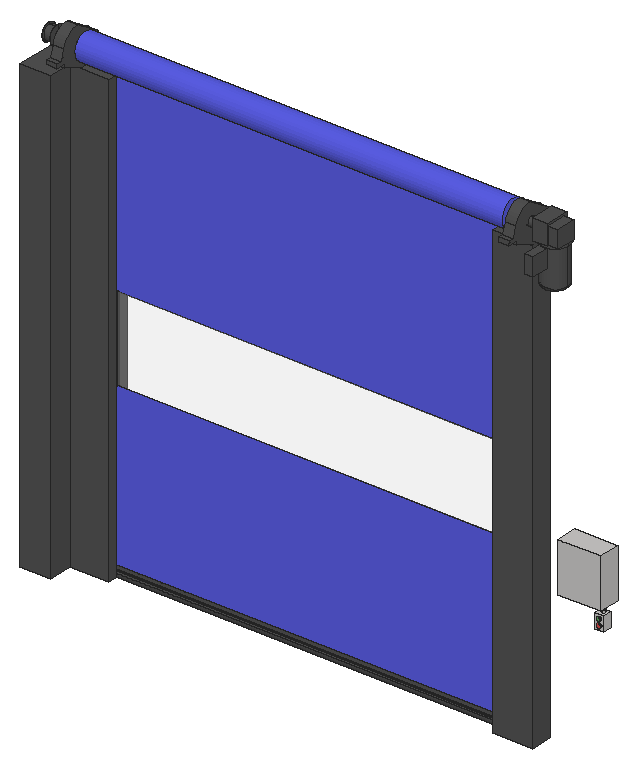
Revit family "Door_Rollup_SuperSeal_8500S", category Doors, host Wall, Revit 2011
Parameters (values of type "ByType")
  Wind Load = ""
  Water Penetration = ""
  Vision Panel Sill [instance] = 4' - 0"
  Vision Panel Material = Fabric - Vinyl - Super Seal - Transparent
  Vision Panel Height [instance] = 2' - 0"
  Vision Panel [instance] = yes
  Sound Transmission Class (STC) = 0
  RO Offset = 0' - 0 1/2"
  Panel Material = Fabric - Vinyl - Super Seal - Blue
  Max Door Width = 26' - 0"
  Max Door Height = 20' - 0"
  Manufacturer Phone = "800-337-3239 "
  Manual Crank = no
  Function = Interior
  Frame Thickness = 0' - 8"
  Frame Finish = Metal - Steel - Super Seal - Painted - Black
  Electric Motor = ""
  Control Box Offset [instance] = 2' - 0"
  Control Box Material = Metal - Stainless Steel - Super Seal - Brushed
  Control Box Height [instance] = 4' - 0"
  Building Code Conformance = ""
  Air Infiltration = ""
  ASTM Conformance = ""
  Warranty Duration (Years) = 0
  URL = "http://www.supersealmfg.com/"
  Thickness = 0' - 0"
  Test Data = ""
  Specification = ""
  SpecWizard = ""
  Send Message = "http://www.arcat.com/users.pl?action=UserEmail&company=Super-Seal%20Mfg.%20Ltd&coid=44693&rep=119&fax=905-850-4440 &mf="
  Sales Information = "http://www.supersealmfg.com/ContactUs.htm"
  Rough Width = (Width + (RO Offset * 2))  # 9' - 1"
  Rough Height = (Height + (RO Offset))  # 9' - 3"
  R_Value = 0
  Product Properties = ""
  Product Data = "http://arcat.com/arcatcos/cos44/arc44693.html?isac=1&r=1"
  Manufacturer Website = "http://www.supersealmfg.com/"
  Manufacturer Phone - Toll Free = "800-337-3239 "
  Manufacturer Fax = "905-850-4440 "
  Manufacturer Address = "670 Rowntree Dairy Rd. Woodbridge , ON, Canada L4L-5T8"
  Maintenance Schedule (Months) = 0
  Installation-Fabrication = ""
  Installation Phase = ""
  Green Building-LEED = ""
  Model = "As Specified"
  Manufacturer = "Super-Seal Mfg. Ltd"
  Keynote = "08300"
  Height = 9' - 2 1/2"
  Wall Closure = By host
  Width = 9' - 0"
  Fire Rating = "As Specified"
  Expected Lifespan (Years) = 0
  Drawn By = "Sumex Design, Inc. / Robert S. Weygant, CSI, CDT, SCIP"
  Description = "Super Seal "
  Copyright = "©Arcat Inc."
  Construction Details = "http://arcat.com/details/supersea/supersea.html?coid=44693"
  Building Codes = ""
  Assembly Code = ""
  ADA Compliant = yes
  AAMA Designation = ""
Reference planes (in)
  plane 1 "Center (Front/Back)": y = -33.96225
  plane 2 "Center (Left/Right)": x = 64.28704
  plane 3: z = 0
  plane 4 "Right": x = 118.28704
  plane 5 "Left": x = 10.28704
  plane 6 "Closure": y = -35.96225
  plane 7: z = 0
  plane 8 "Top of Frame": z = 110.5
  plane 9 "RO Top": z = 111
  plane 10 "RO Right": x = 118.78704
  plane 11 "RO Left": x = 9.78704
  plane 12 "Frame Int": y = -43.96225
  plane 13: x = 142.28704
  plane 14: z = 48
Lines and regions (in)
  Opening 1
    outline origin (-109.33485, -35.96225, 0) x (1, 0, 0) y (0, 0, 1)
      loop
        line (119.12189, 0) -> (228.12189, 0) -> (228.12189, 111) -> (119.12189, 111) -> (119.12189, 0)
Text (in)
  text "Exterior" at (36.47868, -4.19089, 0), in view "A101 - Plan View"
  text "Interior" at (36.47868, -56.64559, 0), in view "A101 - Plan View"
  text "Exterior" at (0, -17.98638, 123.01588), in view "Right"
  text "Interior" at (0, -64.39139, 123.01588), in view "Right"
  text "Interior" at (0, -52.09468, 121.14095), in view "Left"
  text "Exterior" at (0, 26.35325, 123.00693), in view "Left"
Dimensions and locks (in)
  equal spacing: plane 4 "Right", plane 2 "Center (Left/Right)", plane 5 "Left"
  "Width": plane 5 "Left" to plane 4 "Right"
  "Height": level to plane 8 "Top of Frame"
  "RO Offset": plane 5 "Left" to plane 11 "RO Left"
  "RO Offset": plane 10 "RO Right" to plane 4 "Right"
  "RO Offset": plane 9 "RO Top" to plane 8 "Top of Frame"
  "Frame Thickness": plane 12 "Frame Int" to host wall
  "Control Box Height": plane 14 to level
  "Control Box Offset": plane 4 "Right" to plane 13
  aligned and locked: host wall to plane 1 "Center (Front/Back)"
  aligned and locked: host wall to plane 6 "Closure"
  aligned and locked: Opening 1 sketch curve to level
  aligned and locked: plane 10 "RO Right" to Opening 1 sketch curve
  aligned and locked: Opening 1 sketch curve to plane 9 "RO Top"
  aligned and locked: plane 11 "RO Left" to Opening 1 sketch curve
  aligned and locked: plane 2 "Center (Left/Right)" to nested 1
  aligned and locked: host wall to nested 1
  aligned and locked: plane 2 "Center (Left/Right)" to nested 2
  aligned and locked: host wall to nested 2
  aligned and locked: nested 3 to plane 13
  aligned and locked: nested 3 to plane 14
Nested families (in)
  nested 1: "Frame_8500S" at (64.28704, -35.96225, 0), Material <- "Frame Finish", Opening Width <- "Width", Opening Height <- "Height", Manual Crank <- "Manual Crank", type "Frame_8500S"
    with offset 0' - 0", Opening Width 9' - 0", Opening Height 9' - 2 1/2", Material Metal - Steel - Super Seal - Painted - Black, Manual Crank no, Unit Depth 1' - 1 1/2"
  nested 2: "Door_8500S" at (64.28704, -35.96225, 0), Opening Width <- "Width", Opening Height <- "Height", Material <- "Panel Material", Vision Panel <- "Vision Panel", Vision Panel Material <- "Vision Panel Material", Vision Panel Sill <- "Vision Panel Sill", Vision Panel Height <- "Vision Panel Height", type "Door_8500S"
    with offset 0' - 0", Wind Bar no, Void Dist 0' - 5", Vision Panel Sill 4' - 0", Vision Panel Material Fabric - Vinyl - Super Seal - Transparent, Vision Panel Height 2' - 0", Vision Panel yes, Opening Width 9' - 0", Opening Height 9' - 2 1/2", Material Fabric - Vinyl - Super Seal - Blue, Unit Width 2' - 8"
  nested 3: "Control Box_8500" at (142.28704, -35.96225, 48) x (1, 0, 0) z (0, -1, 0), Material <- "Control Box Material", type "Control Box_8500"
    with offset 0' - 0", Material Metal - Stainless Steel - Super Seal - Brushed
Definition of nested family "Frame_8500S"
  Parameters
    offset [instance] = 0' - 0"
    Warranty Duration (Years) = 0
    Unit Width = 2' - 8"
    Unit Height = 2' - 8"
    Unit Depth = 0' - 11"
    URL = "http://www.supersealmfg.com/"
    Specification = ""
    SpecWizard = ""
    Send Message = "http://www.arcat.com/users.pl?action=UserEmail&company=Super-Seal%20Mfg.%20Ltd&coid=44693&rep=119&fax=905-850-4440 &mf="
    Sales Information = "http://www.supersealmfg.com/ContactUs.htm"
    Revision = "R1_07-2011"
    Product Properties = ""
    Product Data = "http://arcat.com/arcatcos/cos44/arc44693.html?isac=1&r=1"
    Opening Width [instance] = 6' - 0"
    Opening Height [instance] = 8' - 0"
    Model = "As Specified"
    Material [instance] = none
    Manufacturer Website = "http://www.supersealmfg.com/"
    Manufacturer Phone - Toll Free = "800-337-3239 "
    Manufacturer Phone = "800-337-3239 "
    Manufacturer Fax = "905-850-4440 "
    Manufacturer Address = "670 Rowntree Dairy Rd. Woodbridge , ON, Canada L4L-5T8"
    Manufacturer = "Super-Seal Mfg. Ltd"
    Manual Crank [instance] = no
    Maintenance Schedule (Months) = 0
    Keynote = ""
    Installation-Fabrication = ""
    Installation Phase = ""
    Green Building-LEED = ""
    Expected Lifespan (Years) = 0
    Drawn By = "Sumex Design, Inc. / Robert S. Weygant, CSI, CDT, SCIP"
    Description = "Super Seal"
    Copyright = "©Arcat Inc."
    Construction Details = "http://arcat.com/details/supersea/supersea.html?coid=44693"
    Assembly Code = ""
  Reference planes (in)
    plane 1 "Center (Front/Back)": y = 0
    plane 2 "Bottom": z = 0
    plane 3 "Center (Left/Right)": x = 0
    plane 4 "Front": y = -11
    plane 5 "Left": x = -36
    plane 6 "Right": x = 36
    plane 7 "Top": z = 96
    plane 8: x = -47
    plane 9: x = 47
    plane 10: y = -6.25
    plane 11: x = -49.375
    plane 12: x = 57
    plane 13: z = 124
    plane 14 "Axle Plane": y = -6.75
    plane 15: y = -4.25
    plane 16: x = 51.80625
    plane 17: y = -13
    plane 18: x = -56.5
  Forms (in)
    Extrusion 1, solid, material <- "Material"
      sketch origin (0, 0, 0) x (1, 0, 0) y (0, 1, 0)
        loop
          line (-47, 0) -> (-47, -6.25) -> (-36, -6.25) -> (-36, -3.875) -> (-42, -3.875) -> (-42, -2.375) -> (-36, -2.375) -> (-36, 0) -> (-47, 0)
        loop
          line (47, 0) -> (36, 0) -> (36, -2.375) -> (42, -2.375) -> (42, -3.875) -> (36, -3.875) -> (36, -6.25) -> (47, -6.25) -> (47, 0)
      from 0 to 112
    Revolve 2, solid, material <- "Material"
      sketch origin (0, -6.75, -0.6905) x (-1, 0, 0) y (0, 0, 1)
        loop
          line (53.48173, 119.253) -> (53.48173, 119.75237) -> (52.56139, 119.75237) -> (52.56139, 120.194) -> (52.45139, 120.194) -> (52.45139, 121.571) -> (52.33427, 121.571) -> (52.33427, 121.2803) -> (50.42889, 121.2803) -> (50.10339, 121.60581) -> (50.10339, 121.747) -> (50.01139, 121.747) -> (50.01139, 120.194) -> (49.90196, 120.194) -> (49.90196, 119.75237) -> (49.66937, 119.75237) -> (49.66937, 120.50237) -> (-48.58063, 120.50237) -> (-48.58063, 119.84827) -> (-49.01806, 119.84827) -> (-49.1645, 119.79497) -> (-49.65252, 119.79497) -> (-49.65252, 121.40925) -> (-49.84937, 121.40925) -> (-49.84937, 119.253) -> (53.48173, 119.253)
        axis (53.48173, 119.253) -> (-49.84937, 119.253)
      angle from 0 to 360
    Extrusion 3, solid, material <- "Material"
      sketch origin (0, -6.75, -0.6905) x (-1, 0, 0) y (0, 0, 1)
        loop
          line (-49.775, 122.06557) -> (-53.91187, 122.06557) -> (-53.91187, 116.44057) -> (-49.775, 116.44057) -> (-49.775, 122.06557)
      from -2.8125 to 4
    Revolve 4, solid, material <- "Material"
      sketch origin (0, -4.25, 126.67708) x (0, 0, 1) y (-1, 0, 0)
        loop
          line (-12.42701, -48.30625) -> (-22.92701, -48.30625)
          arc (-22.92701, -48.30625) -> (-23.28056, -48.4527) -> (-23.42701, -48.80625) r 0.5
          line (-23.42701, -48.80625) -> (-23.42701, -51.80625) -> (-10.92701, -51.80625) -> (-10.92701, -50.05625) -> (-11.05201, -50.05625) -> (-11.42701, -47.86875) -> (-12.42701, -47.86875) -> (-12.42701, -48.30625)
        axis (-23.42701, -51.80625) -> (-10.92701, -51.80625)
      angle from 0 to 360
    Extrusion 5, solid, material <- "Material"
      sketch origin (-11.94222, -11, 57.3121) x (-1, 0, 0) y (0, 0, 1)
        loop
          line (-61.87347, 56.44057) -> (-64.12347, 56.44057) -> (-64.12347, 51.44057) -> (-61.87347, 51.44057) -> (-61.87347, 56.44057)
      from 1.01831 to 6.75
    Sweep 6, solid, material <- "Material", visible <- "Manual Crank"
      path origin (51.80625, -180, 108.7474) x (0, 0, -1) y (0, -1, 0)
        loop
          line (5.5, -175.75) -> (14.25736, -175.75)
          arc (14.25736, -175.75) -> (15.40541, -175.52164) -> (16.37868, -174.87132) r 3
          line (16.37868, -174.87132) -> (18.51041, -172.73959)
          arc (18.51041, -172.73959) -> (19.41121, -172.22103) -> (20.4349, -172.04097) r 3
          line (20.4349, -172.04097) -> (22.88909, -172.04097)
      profile origin (51.80625, -4.25, 98.86872) x (-1, 0, 0) y (0, -1, 0)
        loop
          circle (0, 0) r 0.25
    Extrusion 7, solid, material <- "Material"
      sketch origin (0, 0, 0) x (1, 0, 0) y (0, 1, 0)
        loop
          line (-56.5, 0) -> (-56.5, -0.125) -> (-55.5, -0.125) -> (-55.5, -13) -> (-47, -13) -> (-47, 0) -> (-56.5, 0)
      from 0 to 112
    Extrusion 8, solid, material <- "Material"
      sketch origin (47, 7.21723, 48) x (0, 1, 0) y (0, 0, 1)
        loop
          arc (-13.93444, 72.79084) -> (-15.5428, 72.60211) -> (-16.60785, 71.38224) r 2.25
          line (-16.60785, 71.38224) -> (-17.60492, 68.6475) -> (-19.04242, 68.6475) -> (-19.10492, 67.5625) -> (-16.40048, 67.5625) -> (-16.40048, 66.5625) -> (-12.55673, 64) -> (-9.94998, 64) -> (-9.94998, 69.36944) -> (-7.87185, 69.90298)
          arc (-7.87185, 69.90298) -> (-7.35623, 70.56865) -> (-7.87185, 71.23432) r 0.6875
          line (-7.87185, 71.23432) -> (-13.93444, 72.79084)
      from 0 to -3
    Extrusion 9, solid, material <- "Material"
      sketch origin (-47, 7.21723, 48) x (0, 1, 0) y (0, 0, 1)
        loop
          arc (-13.93444, 72.79084) -> (-15.5428, 72.60211) -> (-16.60785, 71.38224) r 2.25
          line (-16.60785, 71.38224) -> (-17.60492, 68.6475) -> (-19.04242, 68.6475) -> (-19.10492, 67.5625) -> (-16.40048, 67.5625) -> (-16.40048, 66.5625) -> (-12.55673, 64) -> (-9.94998, 64) -> (-9.94998, 69.36944) -> (-7.87185, 69.90298)
          arc (-7.87185, 69.90298) -> (-7.35623, 70.56865) -> (-7.87185, 71.23432) r 0.6875
          line (-7.87185, 71.23432) -> (-13.93444, 72.79084)
      from 0 to 3
    Extrusion 10, solid, material <- "Material"
      sketch origin (4.25, -6.75, -0.6905) x (-1, 0, 0) y (0, 0, 1)
        loop
          line (-49.775, 121.69057) -> (-52.59937, 121.69057) -> (-52.59937, 116.74252) -> (-49.775, 116.74252) -> (-49.775, 121.69057)
      from -2.8125 to 2.73058
  Cuts and joins
    joined: Revolve 4, Extrusion 5
    joined: Extrusion 1, Extrusion 8
  Dimensions and locks (in)
    equal spacing: plane 5 "Left", plane 3 "Center (Left/Right)", plane 6 "Right"
    "Opening Width": plane 5 "Left" to plane 6 "Right"
    "Unit Depth": plane 1 "Center (Front/Back)" to plane 4 "Front"
    "Opening Height": plane 7 "Top" to level
    locked: plane 6 "Right" to plane 9 at 11
    locked: plane 8 to plane 5 "Left" at 11
    locked: plane 10 to plane 1 "Center (Front/Back)" at 6.25
    locked: plane 6 "Right" to plane 12 at 21
    plane 11 to plane 5 "Left" = 1' - 1 3/8"
    locked: plane 13 to plane 7 "Top" at 28
    locked: Extrusion 1 to plane 7 "Top" at 16
    plane 14 "Axle Plane" to plane 1 "Center (Front/Back)" = 0' - 6 3/4"
    locked: plane 1 "Center (Front/Back)" to plane 15 at 4.25
    locked: plane 16 to plane 9 at 4.80625
    locked: plane 1 "Center (Front/Back)" to plane 14 "Axle Plane" at 6.75
    locked: plane 18 to plane 5 "Left" at 20.5
    locked: plane 17 to plane 1 "Center (Front/Back)" at 13
    locked: Extrusion 7 to plane 7 "Top" at 16
    aligned and locked: Extrusion 5 to plane 15
  Automatic sketch dimensions
    Extrusion 1 sketch curve to plane 8 = 0' - 0"
    Extrusion 1 sketch curve to plane 5 "Left" = 0' - 0"  (x2)
    Extrusion 1 sketch curve to plane 6 "Right" = 0' - 0"  (x2)
    Extrusion 1 sketch curve to plane 1 "Center (Front/Back)" = 0' - 0"  (x2)
    Extrusion 1 sketch curve to plane 9 = 0' - 0"
    Extrusion 1 sketch curve to plane 10 = 0' - 0"  (x2)
    Extrusion 1 sketch curve to plane 15 = 0' - 0 3/8"  (x2)
    plane 8 to Extrusion 1 sketch curve = 0' - 5"
    Extrusion 1 sketch curve to plane 9 = 0' - 5"
    Extrusion 1 sketch curve to Extrusion 1 sketch curve = 0' - 1 1/2"  (x2)
    plane 16 to Revolve 2 sketch curve = 0' - 1.95688"
    Revolve 2 sketch curve to Revolve 2 sketch curve = 0' - 0"  (x4)
    Revolve 2 sketch curve to Revolve 2 sketch curve = 0' - 0.19685"
    Revolve 2 sketch curve to Revolve 2 sketch curve = 0' - 0.48802"
    Revolve 2 sketch curve to Revolve 2 sketch curve = 0' - 0.14644"
    Revolve 2 sketch curve to Revolve 2 sketch curve = 0' - 0.43744"
    Revolve 2 sketch curve to plane 11 = 0' - 0.29437"
    Revolve 2 sketch curve to Revolve 2 sketch curve = 0' - 0.23258"
    Revolve 2 sketch curve to plane 11 = 0' - 0.63639"
    Revolve 2 sketch curve to Revolve 2 sketch curve = 0' - 0.092"
    Revolve 2 sketch curve to Revolve 2 sketch curve = 0' - 0.3255"  (x2)
    Revolve 2 sketch curve to Revolve 2 sketch curve = 0' - 1.90537"
    Revolve 2 sketch curve to Revolve 2 sketch curve = 0' - 0.11712"
    Revolve 2 sketch curve to Revolve 2 sketch curve = 0' - 0.11"
    Revolve 2 sketch curve to Revolve 2 sketch curve = 0' - 0.92034"
    Revolve 2 sketch curve to plane 13 = 0' - 5 7/16"
    Revolve 2 sketch curve to Revolve 2 sketch curve = 0' - 0.49937"
    Revolve 2 sketch curve to Revolve 2 sketch curve = 0' - 0.54197"
    Revolve 2 sketch curve to Revolve 2 sketch curve = 0' - 0.0533"
    Revolve 2 sketch curve to Revolve 2 sketch curve = 0' - 0.44163"  (x2)
    Revolve 2 sketch curve to Revolve 2 sketch curve = 0' - 0.30837"
    Revolve 2 sketch curve to Revolve 2 sketch curve = 0' - 0.77794"
    Revolve 2 sketch curve to Revolve 2 sketch curve = 0' - 0.90688"
    Revolve 2 sketch curve to Revolve 2 sketch curve = 0' - 0.2907"
    Revolve 2 sketch curve to Revolve 2 sketch curve = 0' - 0.14119"
    Extrusion 3 sketch curve to plane 16 = 0' - 2.10562"
    plane 16 to Extrusion 3 sketch curve = 0' - 2 1/32"
    Extrusion 3 sketch curve to plane 13 = 0' - 8.24993"
    Extrusion 3 sketch curve to plane 13 = 0' - 2.62493"
    Revolve 4 sketch curve to plane 16 = 0' - 0"  (x2)
    plane 7 "Top" to Revolve 4 sketch curve = 0' - 7.00007"
    Revolve 4 sketch curve to Revolve 4 sketch curve = 0' - 0 1/4"
    Revolve 4 sketch curve to Revolve 4 sketch curve = 0' - 0 1/2"
    plane 9 to Revolve 4 sketch curve = 0' - 0.86875"
    Revolve 4 sketch curve to plane 13 = 0' - 9.74993"
    Revolve 4 sketch curve to Revolve 4 sketch curve = 0' - 1"
    Revolve 4 sketch curve to Revolve 4 sketch curve = 0' - 0 3/8"
    Revolve 4 sketch curve to Revolve 4 sketch curve = 0' - 0 1/8"
    plane 13 to Revolve 4 sketch curve = 0' - 10.75007"
    Revolve 4 sketch curve to Revolve 4 sketch curve = 0' - 1 3/4"
    plane 9 to Revolve 4 sketch curve = 0' - 1.80625"
    Extrusion 5 sketch curve to plane 16 = 0' - 0 3/8"
    plane 16 to Extrusion 5 sketch curve = 0' - 1 7/8"
    plane 7 "Top" to Extrusion 5 sketch curve = 1' - 0.75267"
    Extrusion 5 sketch curve to Extrusion 5 sketch curve = 0' - 5"
    Sweep 6 sketch curve to plane 15 = 0' - 0"
    plane 7 "Top" to Sweep 6 sketch curve = 0' - 7.2474"
    Sweep 6 sketch curve to plane 7 "Top" = 0' - 1.50996"
    plane 15 to Sweep 6 sketch curve = 0' - 0.87868"
    Sweep 6 sketch curve to Sweep 6 sketch curve = 0' - 2.12132"
    Sweep 6 sketch curve to plane 14 "Axle Plane" = 0' - 0.51041"
    Sweep 6 sketch curve to Sweep 6 sketch curve = 0' - 2.13173"
    plane 15 to Sweep 6 sketch curve = 0' - 0.70903"
    Sweep 6 sketch curve to Sweep 6 sketch curve = 0' - 1.92449"
    Sweep 6 sketch curve to Sweep 6 sketch curve = 0' - 2.45419"
    Sweep 6 sketch curve to plane 16 = 0' - 0"
    Sweep 6 sketch curve to profile plane = 0' - 0"
    Extrusion 7 sketch curve to plane 1 "Center (Front/Back)" = 0' - 0"
    Extrusion 7 sketch curve to plane 18 = 0' - 0"
    Extrusion 7 sketch curve to plane 17 = 0' - 0"
    Extrusion 7 sketch curve to plane 8 = 0' - 0"
    plane 18 to Extrusion 7 sketch curve = 0' - 1"
    plane 1 "Center (Front/Back)" to Extrusion 7 sketch curve = 0' - 0 1/8"
    Extrusion 8 sketch curve to plane 4 "Front" = 0' - 0.88769"
    Extrusion 8 sketch curve to plane 4 "Front" = 0' - 0.82519"
    plane 4 "Front" to Extrusion 8 sketch curve = 0' - 0.61231"
    plane 4 "Front" to Extrusion 8 sketch curve = 0' - 1 39/64"
    Extrusion 8 sketch curve to Extrusion 8 sketch curve = 0' - 1.20444"
    Extrusion 8 sketch curve to plane 14 "Axle Plane" = 0' - 0.52674"
    plane 14 "Axle Plane" to Extrusion 8 sketch curve = 0' - 0.03279"
    plane 10 to Extrusion 8 sketch curve = 0' - 0.9105"
    Extrusion 8 sketch curve to plane 15 = 0' - 1.51725"
    plane 1 "Center (Front/Back)" to Extrusion 8 sketch curve = 0' - 0.8265"
    plane 1 "Center (Front/Back)" to Extrusion 8 sketch curve = 0' - 0.65462"  (x2)
    Extrusion 8 sketch curve to plane 13 = 1' - 0"
    Extrusion 8 sketch curve to Extrusion 8 sketch curve = 0' - 2 9/16"
    Extrusion 8 sketch curve to Extrusion 8 sketch curve = 0' - 1"
    Extrusion 8 sketch curve to Extrusion 8 sketch curve = 0' - 1.085"
    Extrusion 8 sketch curve to Extrusion 8 sketch curve = 0' - 5.36944"
    Extrusion 8 sketch curve to Extrusion 8 sketch curve = 0' - 0.53354"
    Extrusion 8 sketch curve to Extrusion 8 sketch curve = 0' - 0.66567"
    Extrusion 8 sketch curve to Extrusion 8 sketch curve = 0' - 3.04902"
    Extrusion 8 sketch curve to Extrusion 8 sketch curve = 0' - 0.77071"
    Extrusion 9 sketch curve to plane 4 "Front" = 0' - 0.88769"
    Extrusion 9 sketch curve to plane 4 "Front" = 0' - 0.82519"
    plane 4 "Front" to Extrusion 9 sketch curve = 0' - 0.61231"
    plane 4 "Front" to Extrusion 9 sketch curve = 0' - 1 39/64"
    Extrusion 9 sketch curve to Extrusion 9 sketch curve = 0' - 1.20444"
    Extrusion 9 sketch curve to plane 14 "Axle Plane" = 0' - 0.52674"
    plane 14 "Axle Plane" to Extrusion 9 sketch curve = 0' - 0.03279"
    plane 10 to Extrusion 9 sketch curve = 0' - 0.9105"
    Extrusion 9 sketch curve to plane 15 = 0' - 1.51725"
    plane 1 "Center (Front/Back)" to Extrusion 9 sketch curve = 0' - 0.8265"
    plane 1 "Center (Front/Back)" to Extrusion 9 sketch curve = 0' - 0.65462"  (x2)
    Extrusion 9 sketch curve to plane 13 = 1' - 0"
    Extrusion 9 sketch curve to Extrusion 9 sketch curve = 0' - 2 9/16"
    Extrusion 9 sketch curve to Extrusion 9 sketch curve = 0' - 1"
    Extrusion 9 sketch curve to Extrusion 9 sketch curve = 0' - 1.085"
    Extrusion 9 sketch curve to Extrusion 9 sketch curve = 0' - 5.36944"
    Extrusion 9 sketch curve to Extrusion 9 sketch curve = 0' - 0.53354"
    Extrusion 9 sketch curve to Extrusion 9 sketch curve = 0' - 0.66567"
    Extrusion 9 sketch curve to Extrusion 9 sketch curve = 0' - 3.04902"
    Extrusion 9 sketch curve to Extrusion 9 sketch curve = 0' - 0.77071"
    Extrusion 10 sketch curve to plane 12 = 0' - 0.15063"
    Extrusion 10 sketch curve to plane 16 = 0' - 2 7/32"
    Extrusion 10 sketch curve to plane 13 = 0' - 7.94798"
    Extrusion 10 sketch curve to plane 13 = 0' - 2.99993"
    radius of Sweep 6 sketch curve = 0' - 0 1/4"
Definition of nested family "Door_8500S"
  Parameters
    offset [instance] = 0' - 0"
    Wind Bar [instance] = no
    Warranty Duration (Years) = 0
    Void Dist [instance] = if(Vision Panel, 0' 5", 0' 1")  # 0' - 5"
    Vision Panel Sill [instance] = 4' - 0"
    Vision Panel Material [instance] = none
    Vision Panel Height [instance] = 2' - 0"
    Vision Panel [instance] = yes
    Unit Width = 4' - 0"
    Unit Height = 2' - 8"
    Unit Depth = 1' - 1 1/2"
    URL = "http://www.supersealmfg.com/"
    Specification = ""
    SpecWizard = ""
    Send Message = "http://www.arcat.com/users.pl?action=UserEmail&company=Super-Seal%20Mfg.%20Ltd&coid=44693&rep=119&fax=905-850-4440 &mf="
    Sales Information = "http://www.supersealmfg.com/ContactUs.htm"
    Revision = "R1_07-2011"
    Product Properties = ""
    Product Data = "http://arcat.com/arcatcos/cos44/arc44693.html?isac=1&r=1"
    Opening Width [instance] = 6' - 0"
    Opening Height [instance] = 8' - 0"
    Model = "As Specified"
    Material [instance] = none
    Manufacturer Website = "http://www.supersealmfg.com/"
    Manufacturer Phone - Toll Free = "800-337-3239 "
    Manufacturer Phone = "800-337-3239 "
    Manufacturer Fax = "905-850-4440 "
    Manufacturer Address = "670 Rowntree Dairy Rd. Woodbridge , ON, Canada L4L-5T8"
    Manufacturer = "Super-Seal Mfg. Ltd"
    Maintenance Schedule (Months) = 0
    Keynote = ""
    Installation-Fabrication = ""
    Installation Phase = ""
    Green Building-LEED = ""
    Expected Lifespan (Years) = 0
    Drawn By = "Sumex Design, Inc. / Robert S. Weygant, CSI, CDT, SCIP"
    Description = "Super Seal"
    Copyright = "©Arcat Inc."
    Construction Details = "http://arcat.com/details/supersea/supersea.html?coid=44693"
    Assembly Code = ""
  Reference planes (in)
    plane 1 "Center (Front/Back)": y = 0
    plane 2 "Bottom": z = 0
    plane 3 "Center (Left/Right)": x = 0
    plane 4 "Left": x = -36
    plane 5 "Right": x = 36
    plane 6 "Top": z = 96
    plane 7: z = 124
    plane 8 "Axle Plane": y = -6.75
    plane 9: y = -3
    plane 10: z = 118.5625
    plane 11: z = 56
    plane 12: x = -42
    plane 13: x = 42
    plane 14: z = 112
    plane 15: x = -18
    plane 16: x = 18
    plane 17: z = 48
    plane 18: z = 72
  Forms (in)
    Extrusion 1, solid, material <- "Material"
      sketch origin (-42, 8.35727, 48) x (0, 1, 0) y (0, 0, 1)
        loop
          arc (-11.35727, 70.5625) -> (-18.82589, 71.04662) -> (-11.48227, 69.60236) r 3.75
          line (-11.48227, 69.60236) -> (-11.48227, -45) -> (-11.35727, -45) -> (-11.35727, 70.5625)
      from 0 to 84
    Extrusion 2, solid, material "Metal - Steel - Super Seal - Painted - Black", visible <- "Wind Bar"
      sketch origin (-36, 16.34522, 48) x (0, 1, 0) y (0, 0, 1)
        loop
          line (-19.47022, 9.125) -> (-19.97022, 9.125) -> (-19.97022, 6.875) -> (-19.47022, 6.875) -> (-19.47022, 9.125)
      from 0 to 72
    Sweep 3, solid, material "Metal - Steel - Super Seal - Painted - Black", visible <- "Wind Bar"
      path origin (-36, -3, 48) x (-1, 0, 0) y (0, 0, 1)
        loop
          line (0, 64) -> (-18, 8) -> (-36, 64) -> (-54, 8) -> (-72, 64)
      profile origin (-27, -3, 84) x (-0.952029, 0, -0.306009) y (0, 1, 0)
        loop
          line (0.25, -0.375) -> (0.25, -0.25) -> (-0.25, -0.25) -> (-0.25, -0.375) -> (0.25, -0.375)
    Extrusion 4, solid, material "Metal - Steel - Super Seal - Painted - Black"
      sketch origin (-42, 8.35727, 48) x (0, 1, 0) y (0, 0, 1)
        loop
          arc (-11.21791, -48) -> (-11.04074, -47.45957) -> (-11.00256, -46.89212) r 2.2843
          arc (-11.00256, -46.89212) -> (-11.05299, -46.65791) -> (-11.17223, -46.45011) r 0.77874
          arc (-11.17223, -46.45011) -> (-11.24036, -46.30946) -> (-11.24075, -46.15318) r 0.35132
          line (-11.24075, -46.15318) -> (-10.99075, -46.15318) -> (-10.99075, -45.97807) -> (-11.25214, -45.97807) -> (-11.25214, -45) -> (-11.5874, -45) -> (-11.5874, -45.97807) -> (-11.84879, -45.97807) -> (-11.84879, -46.15318) -> (-11.59879, -46.15318)
          arc (-11.59879, -46.15318) -> (-11.59918, -46.30946) -> (-11.66732, -46.45011) r 0.35132
          arc (-11.66732, -46.45011) -> (-11.78656, -46.65791) -> (-11.83698, -46.89212) r 0.77874
          arc (-11.83698, -46.89212) -> (-11.79881, -47.45957) -> (-11.62163, -48) r 2.2843
          line (-11.62163, -48) -> (-11.21791, -48)
      from 0 to 84
    Extrusion 5, void
      sketch origin (-48.01566, -6.75, 48) x (1, 0, 0) y (0, 0, 1)
        loop
          line (12.01566, 24) -> (12.01566, 0) -> (84.01566, 0) -> (84.01566, 24) -> (12.01566, 24)
      from 0 to -5
    Extrusion 6, solid, material <- "Vision Panel Material", visible <- "Vision Panel"
      sketch origin (-36, -3, 48) x (-1, 0, 0) y (0, 0, 1)
        loop
          line (0, 24) -> (-72, 24) -> (-72, 0) -> (0, 0) -> (0, 24)
      from 0 to -0.125
  Cuts and joins
    joined: Extrusion 2, Sweep 3
    Extrusion 5 cuts Extrusion 1
  Dimensions and locks (in)
    equal spacing: plane 4 "Left", plane 3 "Center (Left/Right)", plane 5 "Right"
    "Opening Width": plane 4 "Left" to plane 5 "Right"
    "Opening Height": plane 6 "Top" to level
    locked: plane 7 to plane 6 "Top" at 28
    plane 8 "Axle Plane" to plane 1 "Center (Front/Back)" = 0' - 6 3/4"
    plane 1 "Center (Front/Back)" to plane 9 = 0' - 3"
    locked: plane 7 to plane 10 at 5.4375
    locked: plane 5 "Right" to plane 13 at 6
    locked: plane 12 to plane 4 "Left" at 6
    locked: plane 14 to plane 6 "Top" at 16
    locked: plane 1 "Center (Front/Back)" to plane 8 "Axle Plane" at 6.75
    equal spacing: plane 14, plane 11, level
    equal spacing: plane 5 "Right", plane 16, plane 3 "Center (Left/Right)"
    equal spacing: plane 3 "Center (Left/Right)", plane 15, plane 4 "Left"
    "Vision Panel Sill": plane 17 to level
    "Vision Panel Height": plane 18 to plane 17
    "Void Dist": Extrusion 5 to plane 8 "Axle Plane"
    aligned and locked: plane 13 to Extrusion 1
    aligned and locked: plane 5 "Right" to Extrusion 2
    aligned and locked: plane 13 to Extrusion 4
  Automatic sketch dimensions
    Extrusion 1 sketch curve to plane 8 "Axle Plane" = 0' - 0"
    Extrusion 1 sketch curve to plane 9 = 0' - 0"
    Extrusion 1 sketch curve to plane 10 = 0' - 0"
    Extrusion 1 sketch curve to Extrusion 1 sketch curve = 0' - 0 1/8"
    level to Extrusion 1 sketch curve = 0' - 3"
    Extrusion 2 sketch curve to plane 9 = 0' - 0 5/8"
    Extrusion 2 sketch curve to plane 9 = 0' - 0 1/8"
    Extrusion 2 sketch curve to plane 11 = 0' - 1 1/8"
    plane 11 to Extrusion 2 sketch curve = 0' - 1 1/8"
    Sweep 3 sketch curve to plane 5 "Right" = 0' - 0"
    Sweep 3 sketch curve to plane 11 = 0' - 0"  (x2)
    Sweep 3 sketch curve to plane 16 = 0' - 0"
    Sweep 3 sketch curve to plane 3 "Center (Left/Right)" = 0' - 0"
    Sweep 3 sketch curve to plane 15 = 0' - 0"
    Sweep 3 sketch curve to plane 4 "Left" = 0' - 0"
    Sweep 3 sketch curve to plane 14 = 0' - 0"  (x3)
    profile plane to Sweep 3 sketch curve = 0' - 0 1/4"
    Sweep 3 sketch curve to plane 9 = 0' - 0 1/4"
    Sweep 3 sketch curve to profile plane = 0' - 0 1/4"
    Sweep 3 sketch curve to Sweep 3 sketch curve = 0' - 0 1/8"
    Extrusion 4 sketch curve to level = 0' - 0"
    plane 8 "Axle Plane" to Extrusion 4 sketch curve = 0' - 1 211/256"
    Extrusion 4 sketch curve to plane 9 = 0' - 0.58424"
    Extrusion 4 sketch curve to Extrusion 4 sketch curve = 0' - 0.09272"  (x2)
    Extrusion 4 sketch curve to plane 9 = 0' - 0.47971"
    Extrusion 4 sketch curve to Extrusion 4 sketch curve = 0' - 0"  (x4)
    Extrusion 4 sketch curve to Extrusion 4 sketch curve = 0' - 0.05697"  (x2)
    Extrusion 4 sketch curve to plane 9 = 0' - 0.31004"
    Extrusion 4 sketch curve to plane 9 = 0' - 0.26436"
    Extrusion 4 sketch curve to plane 9 = 0' - 0.24152"
    Extrusion 4 sketch curve to Extrusion 4 sketch curve = 0' - 0.01139"
    plane 9 to Extrusion 4 sketch curve = 0' - 0.10513"
    plane 9 to Extrusion 4 sketch curve = 0' - 0.11652"
    plane 9 to Extrusion 4 sketch curve = 0' - 0.13936"
    plane 9 to Extrusion 4 sketch curve = 0' - 0.18504"
    plane 9 to Extrusion 4 sketch curve = 0' - 0.29774"
    Extrusion 4 sketch curve to Extrusion 4 sketch curve = 0' - 0.26139"
    plane 1 "Center (Front/Back)" to Extrusion 4 sketch curve = 0' - 1 51/256"
    level to Extrusion 4 sketch curve = 0' - 0.97629"  (x2)
    Extrusion 4 sketch curve to Extrusion 4 sketch curve = 0' - 0.17511"  (x2)
    Extrusion 4 sketch curve to Extrusion 4 sketch curve = 0' - 0.97807"
    Extrusion 6 sketch curve to plane 5 "Right" = 0' - 0"
    Extrusion 6 sketch curve to plane 4 "Left" = 0' - 0"
    Extrusion 6 sketch curve to plane 17 = 0' - 0"
    Extrusion 6 sketch curve to plane 18 = 0' - 0"
    Extrusion 5 sketch curve to plane 5 "Right" = 0' - 0"
    Extrusion 5 sketch curve to plane 4 "Left" = 0' - 0"
    Extrusion 5 sketch curve to plane 17 = 0' - 0"
    Extrusion 5 sketch curve to plane 18 = 0' - 0"
Definition of nested family "Control Box_8500"
  Parameters
    offset [instance] = 0' - 0"
    Warranty Duration (Years) = 0
    Unit Width = 0' - 11 7/8"
    Unit Height = 1' - 1 3/4"
    Unit Depth = 0' - 6"
    URL = "http://www.supersealmfg.com/"
    Specification = ""
    SpecWizard = ""
    Send Message = "http://www.arcat.com/users.pl?action=UserEmail&company=Super-Seal%20Mfg.%20Ltd&coid=44693&rep=119&fax=905-850-4440 &mf="
    Sales Information = "http://www.supersealmfg.com/ContactUs.htm"
    Revision = "R1_07-2011"
    Product Properties = ""
    Product Data = "http://arcat.com/arcatcos/cos44/arc44693.html?isac=1&r=1"
    Model = "As Specified"
    Material [instance] = none
    Manufacturer Website = "http://www.supersealmfg.com/"
    Manufacturer Phone - Toll Free = "800-337-3239 "
    Manufacturer Phone = "800-337-3239 "
    Manufacturer Fax = "905-850-4440 "
    Manufacturer Address = "670 Rowntree Dairy Rd. Woodbridge , ON, Canada L4L-5T8"
    Manufacturer = "Super-Seal Mfg. Ltd"
    Maintenance Schedule (Months) = 0
    Keynote = ""
    Installation-Fabrication = ""
    Installation Phase = ""
    Green Building-LEED = ""
    Expected Lifespan (Years) = 0
    Drawn By = "Sumex Design, Inc. / Robert S. Weygant, CSI, CDT, SCIP"
    Description = "Super Seal"
    Default Elevation = 4' - 0"
    Copyright = "©Arcat Inc."
    Construction Details = "http://arcat.com/details/supersea/supersea.html?coid=44693"
    Assembly Code = ""
  Reference planes (in)
    plane 1 "Center (Front/Back)": y = 0
    plane 2 "Bottom": z = 0
    plane 3 "Center (Left/Right)": x = 0
    plane 4 "Front": y = -6.875
    plane 5 "Back": y = 6.875
    plane 6 "Left": x = -5.9375
    plane 7 "Right": x = 5.9375
    plane 8 "Top": z = 6
  Forms (in)
    Extrusion 1, solid, material <- "Material"
      sketch origin (0, 0, 0) x (1, 0, 0) y (0, 1, 0)
        loop
          line (-5.9375, 6.875) -> (-5.9375, -6.875) -> (5.9375, -6.875) -> (5.9375, 6.875) -> (-5.9375, 6.875)
      from 0 to 6
    Extrusion 2, solid, material "Plastic - Super Seal - Green", detail levels medium+fine
      sketch origin (0, 0, 2.5) x (1, 0, 0) y (0, 1, 0)
        loop
          circle (2.80585, -11.46354) r 0.4625
      from 0 to 0.25
    Extrusion 3, solid, material "Plastic - Super Seal - Green", detail levels medium+fine
      sketch origin (0, 0, 2.5) x (1, 0, 0) y (0, 1, 0)
        loop
          circle (2.80585, -11.46354) r 0.5625
      from 0 to 0.125
    Extrusion 4, solid, material "Plastic - Super Seal - Red", detail levels medium+fine
      sketch origin (0, 0, 2.5) x (1, 0, 0) y (0, 1, 0)
        loop
          circle (2.80585, -13.18897) r 0.625
      from 0 to 0.25
    Extrusion 5, solid, material <- "Material"
      sketch origin (0, 0, 0) x (1, 0, 0) y (0, 1, 0)
        loop
          line (1.49335, -10.3752) -> (1.49335, -14.3752) -> (4.11835, -14.3752) -> (4.11835, -10.3752) -> (1.49335, -10.3752)
      from 0 to 2.5
    Revolve 6, solid, material <- "Material"
      sketch origin (0, 0, 1) x (1, 0, 0) y (0, 1, 0)
        loop
          line (2.80585, -6.875) -> (2.80585, -10.3752) -> (3.21391, -10.3752) -> (3.21391, -9.80062) -> (3.03346, -9.80062) -> (3.03346, -6.875) -> (2.80585, -6.875)
        axis (2.80585, -6.875) -> (2.80585, -10.3752)
      angle from 0 to 360
  Cuts and joins
    joined: Extrusion 2, Extrusion 3
  Lines and regions (in)
    model lines, style "Controls", detail levels medium+fine
      curve 1: line (-1.03868, 5.47859, 6) -> (3.63585, 5.47859, 6)
      curve 2: line (-1.03868, 3.662, 6) -> (-1.03868, 5.47859, 6)
      curve 3: line (3.63585, 3.662, 6) -> (-1.03868, 3.662, 6)
      curve 4: line (3.63585, 5.47859, 6) -> (3.63585, 3.662, 6)
      curve 5: line (4.05557, 3.19495, 6) -> (5.10244, 3.19495, 6)
      curve 6: line (4.05557, 0.25488, 6) -> (4.05557, 3.19495, 6)
      curve 7: line (5.10244, 0.25488, 6) -> (4.05557, 0.25488, 6)
      curve 8: line (5.10244, 3.19495, 6) -> (5.10244, 0.25488, 6)
    model lines, style "Controls", detail levels fine
      curve 9: circle (4.59444, 2.80986, 6) r 0.27052 normal (0, 0, 1)
      curve 10: circle (4.59444, 1.72855, 6) r 0.27052 normal (0, 0, 1)
      curve 11: circle (4.59444, 0.64723, 6) r 0.27052 normal (0, 0, 1)
  Dimensions and locks (in)
    equal spacing: plane 6 "Left", plane 3 "Center (Left/Right)", plane 7 "Right"
    "Unit Width": plane 6 "Left" to plane 7 "Right"
    equal spacing: plane 5 "Back", plane 1 "Center (Front/Back)", plane 4 "Front"
    "Unit Height": plane 5 "Back" to plane 4 "Front"
    "Unit Depth": plane 8 "Top" to level
    aligned and locked: plane 8 "Top" to Extrusion 1
  Automatic sketch dimensions
    Extrusion 1 sketch curve to plane 4 "Front" = 0' - 0"
    Extrusion 1 sketch curve to plane 6 "Left" = 0' - 0"
    Extrusion 1 sketch curve to plane 7 "Right" = 0' - 0"
    Extrusion 1 sketch curve to plane 5 "Back" = 0' - 0"
    curve 7 to plane 1 "Center (Front/Back)" = 0' - 0.25488"
    curve 7 to plane 7 "Right" = 0' - 0.83506"
    curve 5 to curve 9 = 0' - 0.50801"
    curve 10 to curve 9 = 0' - 0"
    curve 7 to curve 11 = 0' - 0.50801"
    curve 9 to curve 5 = 0' - 0.53887"
    curve 4 to plane 7 "Right" = 0' - 2.30165"
    curve 2 to plane 3 "Center (Left/Right)" = 0' - 1.03868"
    curve 11 to curve 7 = 0' - 0.39235"
    curve 10 to curve 11 = 0' - 1.08131"
    curve 9 to curve 10 = 0' - 1.08131"
    curve 6 to curve 9 = 0' - 0.38509"
    curve 2 to plane 5 "Back" = 0' - 3.213"
    curve 1 to plane 5 "Back" = 0' - 1.39641"
    plane 3 "Center (Left/Right)" to Extrusion 5 sketch curve = 0' - 1.49335"
    Extrusion 5 sketch curve to plane 7 "Right" = 0' - 1.81915"
    Extrusion 5 sketch curve to plane 4 "Front" = 0' - 7.5002"
    Extrusion 5 sketch curve to plane 4 "Front" = 0' - 3.5002"
    Extrusion 2 sketch curve to Extrusion 5 = 0' - 1 5/16"
    Extrusion 2 sketch curve to Extrusion 5 = 0' - 1.08834"
    Extrusion 3 sketch curve to Extrusion 5 = 0' - 1 5/16"
    Extrusion 3 sketch curve to Extrusion 5 = 0' - 1.08834"
    Extrusion 4 sketch curve to Extrusion 5 = 0' - 1 5/16"
    Extrusion 4 sketch curve to Extrusion 5 = 0' - 1.18623"
    Revolve 6 sketch curve to plane 4 "Front" = 0' - 0"
    plane 3 "Center (Left/Right)" to Revolve 6 sketch curve = 0' - 2.80585"
    Revolve 6 sketch curve to Revolve 6 sketch curve = 0' - 0"
    Revolve 6 sketch curve to Revolve 6 sketch curve = 0' - 0.22761"
    Revolve 6 sketch curve to Revolve 6 sketch curve = 0' - 0.40807"
    Revolve 6 sketch curve to plane 4 "Front" = 0' - 2.92562"
    Revolve 6 sketch curve to Revolve 6 sketch curve = 0' - 0.57458"
    Revolve 6 sketch curve to Revolve 6 sketch curve = 0' - 0.4226"
    Revolve 6 sketch curve to Revolve 6 sketch curve = 0' - 0 1/4"
    radius of curve 9 = 0' - 0.27052"
    radius of curve 10 = 0' - 0.27052"
    radius of curve 11 = 0' - 0.27052"
    radius of Extrusion 2 sketch curve = 0' - 0.4625"
    radius of Extrusion 3 sketch curve = 0' - 0 9/16"
    radius of Extrusion 4 sketch curve = 0' - 0 5/8"
